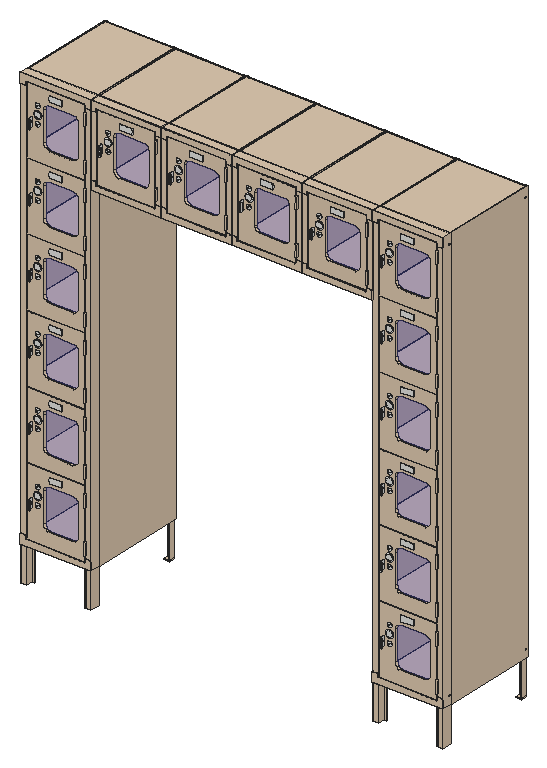
Revit family "Metal_Lockers-Salsbury_Industries-S_66000_Series-Bridge_Unit", category Specialty Equipment, Revit 2016
Family settings
  Part Type = Normal
  Round Connector Dimension = Use Diameter
  OmniClass Number = 23.40.00.00
  OmniClass Title = Equipment and Furnishings
  Work Plane-Based = No
  Always vertical = Yes
  Cut with Voids When Loaded = No
  Shared = No
  Room Calculation Point = No
Parameters (values of type "S-66016- with Standard 6" High Legs")
  Zee Base Corner - Right Side3 = Metal Locker Zee Base Corner : None
  Zee Base Corner - Left Side = Metal Locker Zee Base Corner : None
  Zee Base - Right Side = Metal Locker Zee Base-Right Side : None
  Zee Base - Left Side = Metal Locker Zee Base-Left Side : None
  Zee Base = Metal Locker Zee Base : None
  Window Panel Material = Polycarbonate - Salsbury Finish - Clear
  Width = 72.040"
  Version = "1.0 (03/30/18)"
  Unit Height including Sloping Hood Only [instance] = 82.739"
  URL = "www.lockers.com"
  Type Comments = "See-Through Metal Lockers - Six Tier Box Style Bridge"
  Total Doors Height [instance] = 69.81949"
  Sloping Top In-Line Filler - Right Side [instance] = Metal Locker Sloping Top Filler : None
  Sloping Top In-Line Filler - Left Side [instance] = Metal Locker Sloping Top Filler : None
  Sloping Top Corner Filler - Right Side [instance] = Metal Locker Sloping Corner Filler : None
  Sloping Top Corner Filler - Left Side [instance] = Metal Locker Sloping Corner Filler : None
  Sloping Hood Height = 10.739"
  Sloping Hood [instance] = Metal Locker Sloping Hood : None
  Right Side Base [instance] = Metal Locker Right Side Base : None
  Primary Structure Material [instance] = Paint - Salsbury Finish - Tan
  Overall Width including Rivets [instance] = 72.120"
  Unit Height including Base Only [instance] = 78.000"
  Overall Unit Height (including Base and Sloping Hood) [instance] = 88.739"
  OmniClass 23 Title = "Equipment and Furnishings"
  OmniClass 23 Number = "23.40.00.00"
  Model = "S-66016"
  MasterFormat Title = "Lockers"
  MasterFormat Number = "10 51 13"
  Manufacturer = "Salsbury Industries"
  Left Side Base [instance] = Metal Locker Left Side Base : None
  Individual Door Height [instance] = 11.57358"
  Height = 72.000"
  Hasp Plate Rivet Material = Steel -Salsbury Finish - Polished Steel
  Hasp Handle Material = Plastic - Salsbury Finish - Black
  Front Vertical Filler - Right [instance] = Metal Locker Front Filler : None
  Front Vertical Filler - Left [instance] = Metal Locker Front Filler : None
  Front Base [instance] = Metal Locker Front Base : None
  Flat Top In-Line Filler - Right Side [instance] = Metal Locker Flat Top Filler : None
  Flat Top In-Line Filler - Left Side [instance] = Metal Locker Flat Top Filler : None
  Flat Top Corner Filler - Right Side [instance] = Metal Locker Flat Corner Filler : None
  Flat Top Corner Filler - Left Side [instance] = Metal Locker Flat Corner Filler : None
  Individual Door Width [instance] = 9.901"
  End Panel - Right Side [instance] = Metal Locker End Panel : None
  End Panel - Left Side [instance] = Metal Locker End Panel : None
  Door Location D1 = See-Through Metal Locker Doors-12 inch with Latch Hasps : Six Tier Door - 6 foot
  Description = "6 Feet High - 18 Inches Deep"
  Depth = 18.010"
  Base Height = 6.000"
  Standard Leg Base = Metal Locker Legs : 6" High - 12"W x 18"D - Bridge
  Assembly Code = "C1030310"
Reference planes (in)
  plane 1 "Center (Front/Back)": y = 0
  plane 2: z = 0
  plane 3 "Center (Left/Right)": x = 0
  plane 4 "Floor": z = 0
  plane 5 "Bottom of Unit": z = 6
  plane 6 "Top of Unit": z = 78
  plane 7 "Left Side of Unit": x = -36.02
  plane 8 "Right Side of Unit": x = 36.02
  plane 9 "Back of Unit": y = 9.005
  plane 10 "Front of Unit": y = -9.005
  plane 11 "Top of Sloping Hood": z = 88.739
  plane 12 "Left Rivet": x = -36.06
  plane 13 "Right Rivet": x = 36.06
  plane 14 "Right Side of Door Opening": x = 35.02
  plane 15 "Left Side of Door Opening": x = -35.02
  plane 16 "Top of Door Opening": z = 77
  plane 17 "Bottom of Door Opening": z = 7
  plane 18 "Back Edge of Front Facing": y = -7.417
  plane 19 "Front Plate Plane": y = -9.065
  plane 20 "Horizontal Center of Top Rivets": z = 76.5
  plane 21 "Horiz Center of Bottom Rivets": z = 7.5
  plane 22 "Vertical Center of Back Rivets": y = 8.505
  plane 23 "Vertical Center of Front Rivets": y = -7.755
  plane 24 "Right Align Top Filler Overlap": x = 35.435
  plane 25 "Left Align Top Filler Overlap": x = -35.435
  plane 26 "Corner Filler Align-Left": x = -36.08
  plane 27 "Corner Filler Align-Right": x = 36.08
  plane 28 "Left Side of Door": x = -34.95029
  plane 29 "Right Side of Door": x = 34.95026
  plane 30 "Top of Door 1": z = 76.90976
  plane 31 "Bottom of Bottom Door": z = 7.09027
  plane 32: z = 18.72685
  plane 33: z = 30.36343
  plane 34: z = 18.78985
  plane 35: z = 30.42643
  plane 36: z = 42.00001
  plane 37: z = 42.06301
  plane 38: z = 18.66385
  plane 39: z = 30.30043
  plane 40: z = 41.93701
  plane 41: x = -35.669
  plane 42: x = 35.669
  plane 43: z = 53.5736
  plane 44: z = 53.6366
  plane 45: z = 53.6996
  plane 46: z = 65.21018
  plane 47: z = 65.27318
  plane 48: z = 65.33618
  plane 49 "Vertical Divider 1 and 2": x = -12.00667
  plane 50 "Vertical Divider 2 and 3": x = 12.00667
  plane 51 "Right Side of Unit 1": x = -24.01333
  plane 52 "Left Side of Unit 2": x = 24.01333
  plane 53: x = -22.94333
  plane 54: x = -23.01333
  plane 55: x = -11.00667
  plane 56: x = -10.93667
  plane 57: x = 1
  plane 58: x = 1.07
  plane 59: x = 13.00667
  plane 60: x = 13.07667
  plane 61 "Bottom of Horizontal Section": z = 64.24759
  plane 62 "Bottom of Door Opening-Horiztonal": z = 65.24759
  plane 63 "Center or Coat Rod": z = 60.1846
  plane 64: x = -25.04929
  plane 65 "Compartment Align 2": z = 54.1366
  plane 66 "Compartment Align 3": z = 42.50001
  plane 67 "Compartment Align 4": z = 30.86343
  plane 68 "Compartment Align 5": z = 19.22685
  plane 69 "Compartment Align 1": z = 65.74759
  plane 70: y = 8.945
  plane 71: y = 8.88719
  plane 72: y = 8.145
  plane 73: x = 35.95967
  plane 74: x = 35.89967
  plane 75: x = 35.63467
  plane 76: x = 24.133
  plane 77: x = 24.39757
  plane 78: x = 24.073
  plane 79: z = 76.40796
  plane 80: z = 77
  plane 81: x = 35.095
  plane 82: x = 24.93833
  plane 83: x = 35.095
  plane 84: x = 24.93833
  plane 85: z = 7.59204
  plane 86: z = 7
  plane 87: z = 77.94
  plane 88: z = 77.20499
  plane 89: z = 65.68759
  plane 90: z = 64.95258
  plane 91: z = 54.0766
  plane 92: z = 53.34159
  plane 93: z = 42.44001
  plane 94: z = 41.705
  plane 95: z = 30.80343
  plane 96: z = 30.06842
  plane 97: z = 19.16685
  plane 98: z = 18.43184
  plane 99: z = 6.9204
  plane 100: z = 6.18539
  plane 101: x = -35.96
  plane 102: x = -35.9
  plane 103: x = -35.635
  plane 104: x = -24.39833
  plane 105: x = -24.07333
  plane 106: x = -24.13333
  plane 107: x = -23.95333
  plane 108: x = -23.89333
  plane 109: x = -23.62833
  plane 110: x = 23.953
  plane 111: x = 22.953
  plane 112: x = -22.953
  plane 113: x = -12.06667
  plane 114: x = -12.12667
  plane 115: x = -12.39167
  plane 116: x = -11.94667
  plane 117: x = -11.88667
  plane 118: x = -11.62167
  plane 119: x = -0.06
  plane 120: x = -0.12
  plane 121: x = -0.385
  plane 122: x = 0.06
  plane 123: x = 0.12
  plane 124: x = 0.385
  plane 125: x = 11.94667
  plane 126: x = 11.88667
  plane 127: x = 11.62167
  plane 128: x = 12.06667
  plane 129: x = 12.12667
  plane 130: x = 12.39167
  plane 131: x = 23.89333
  plane 132: x = 23.62833
  plane 133: x = -24.93833
  plane 134: x = -35.095
  plane 135: x = -23.08833
  plane 136: x = -35.095
  plane 137: x = -24.93833
  plane 138: z = 7.59204
  plane 139: z = 7
  plane 140: z = 65.83963
  plane 141: x = -11.08167
  plane 142: x = -0.925
  plane 143: x = 0.925
  plane 144: x = 11.08167
  plane 145: x = 12.93167
  plane 146: x = 23.08833
  plane 147: x = -12.93167
  plane 148: z = 65.16799
  plane 149: z = 64.43298
  plane 150: x = -13.00667
  plane 151: x = -1
  plane 152: x = 11.00667
  plane 153: x = 23.01333
  plane 154: x = 25.01333
  plane 155: z = 60.68452
  plane 156: z = 59.68447
Forms (in)
  Sweep 1, solid, material "Paint - Salsbury Finish - Tan" <- "Primary Structure Material"
    path origin (0, -9.005, 0) x (1, 0, 0) y (0, 0, 1)
      loop
        line (-36.02, 78) -> (-36.02, 6) -> (-24.01333, 6) -> (-24.01333, 78) -> (-36.02, 78)
    profile origin (-30.01667, -9.005, 78) x (0, 0, 1) y (0, -1, 0)
      loop
        line (0, 0) -> (-1, 0) -> (-1, -1.588) -> (0, -1.588) -> (0, 0)
  Extrusion 2, solid, material "Paint - Salsbury Finish - Tan" <- "Primary Structure Material"
    sketch origin (0, 0, 6) x (0, -1, 0) y (1, 0, 0)
      loop
        line (7.417, -24.01333) -> (-9.005, -24.01333) -> (-9.005, -24.39833) -> (-8.945, -24.39833) -> (-8.945, -24.07333) -> (7.417, -24.07333) -> (7.417, -24.01333)
    from 0 to 72
  Extrusion 3, solid, material "Paint - Salsbury Finish - Tan" <- "Primary Structure Material"
    sketch origin (0, 0, 6) x (0, -1, 0) y (1, 0, 0)
      loop
        line (7.417, -36.02) -> (7.417, -35.96) -> (-8.945, -35.96) -> (-8.945, -35.635) -> (-9.005, -35.635) -> (-9.005, -36.02) -> (7.417, -36.02)
    from 0 to 72
  Extrusion 4, solid, material "Paint - Salsbury Finish - Tan" <- "Primary Structure Material"
    sketch origin (0, 0, 6) x (0, -1, 0) y (1, 0, 0)
      loop
        line (-8.945, -35.96) -> (-8.145, -35.96) -> (-8.145, -35.9) -> (-8.88719, -35.9) -> (-8.88719, -24.13333) -> (-8.145, -24.13333) -> (-8.145, -24.07333) -> (-8.945, -24.07333) -> (-8.945, -35.96)
    from 0 to 72
  Sweep 5, solid, material "Paint - Salsbury Finish - Tan" <- "Primary Structure Material"
    path origin (0, 0, 7) x (0, -1, 0) y (1, 0, 0)
      loop
        line (7.417, -35.96) -> (7.417, -24.07333) -> (-8.145, -24.07333) -> (-8.145, -24.13333) -> (-8.88719, -24.13333) -> (-8.88719, -35.9) -> (-8.145, -35.9) -> (-8.145, -35.96) -> (7.417, -35.96)
    profile origin (-35.96, 0.364, 7) x (-1, 0, 0) y (0, 0, 1)
      loop
        line (0, -0.81461) -> (0, -0.0796) -> (-0.06, -0.0796) -> (-0.06, -0.81461) -> (0, -0.81461)
  Extrusion 6, solid, material "Paint - Salsbury Finish - Tan" <- "Primary Structure Material"
    sketch origin (0, 0, 7) x (0, -1, 0) y (1, 0, 0)
      loop
        line (-8.88719, -35.9) -> (-8.145, -35.9) -> (-8.145, -35.96) -> (7.417, -35.96) -> (7.417, -24.07333) -> (-8.145, -24.07333) -> (-8.145, -24.13333) -> (-8.88719, -24.13333) -> (-8.88719, -35.9)
    from -0.0796 to 0
  Extrusion 7, solid, material "Paint - Salsbury Finish - Tan" <- "Primary Structure Material"
    sketch origin (0, 0, 78) x (0, -1, 0) y (1, 0, 0)
      loop
        line (-8.88719, -35.9) -> (-8.145, -35.9) -> (-8.145, -35.96) -> (7.417, -35.96) -> (7.417, -24.07333) -> (-8.145, -24.07333) -> (-8.145, -24.13333) -> (-8.88719, -24.13333) -> (-8.88719, -35.9)
    from -0.06 to 0
  Sweep 8, solid, material "Paint - Salsbury Finish - Tan" <- "Primary Structure Material"
    path origin (0, 0, 78) x (0, -1, 0) y (1, 0, 0)
      loop
        line (7.417, -35.96) -> (7.417, -24.07333) -> (-8.145, -24.07333) -> (-8.145, -24.13333) -> (-8.88719, -24.13333) -> (-8.88719, -35.9) -> (-8.145, -35.9) -> (-8.145, -35.96) -> (7.417, -35.96)
    profile origin (-35.96, 0.364, 78) x (-1, 0, 0) y (0, 0, 1)
      loop
        line (0, -0.79501) -> (0, -0.06) -> (-0.06, -0.06) -> (-0.06, -0.79501) -> (0, -0.79501)
  Extrusion 9, solid, material "Paint - Salsbury Finish - Tan" <- "Primary Structure Material"
    sketch origin (0, -9.065, 0) x (0, 0, -1) y (1, 0, 0)
      loop
        line (-78, -36.02) -> (-76.47656, -36.02)
        arc (-76.47656, -36.02) -> (-76.42806, -35.99991) -> (-76.40796, -35.9514) r 0.0686
        line (-76.40796, -35.9514) -> (-76.40796, -35.16351)
        arc (-76.40796, -35.16351) -> (-76.42809, -35.11506) -> (-76.47656, -35.095) r 0.0686
        line (-76.47656, -35.095) -> (-77, -35.095) -> (-77, -24.93833) -> (-76.47656, -24.93833)
        arc (-76.47656, -24.93833) -> (-76.42809, -24.91827) -> (-76.40796, -24.86982) r 0.0686
        line (-76.40796, -24.86982) -> (-76.40796, -24.08193)
        arc (-76.40796, -24.08193) -> (-76.42806, -24.03343) -> (-76.47656, -24.01333) r 0.0686
        line (-76.47656, -24.01333) -> (-78, -24.01333) -> (-78, -36.02)
    from -0.06 to 0
  Extrusion 10, solid, material "Paint - Salsbury Finish - Tan" <- "Primary Structure Material"
    sketch origin (0, -9.065, 84) x (0, 0, 1) y (-1, 0, 0)
      loop
        line (-78, 36.02) -> (-78, 24.01333) -> (-76.47656, 24.01333)
        arc (-76.47656, 24.01333) -> (-76.42806, 24.03343) -> (-76.40796, 24.08193) r 0.0686
        line (-76.40796, 24.08193) -> (-76.40796, 24.86982)
        arc (-76.40796, 24.86982) -> (-76.42809, 24.91827) -> (-76.47656, 24.93833) r 0.0686
        line (-76.47656, 24.93833) -> (-77, 24.93833) -> (-77, 35.095) -> (-76.47656, 35.095)
        arc (-76.47656, 35.095) -> (-76.42809, 35.11506) -> (-76.40796, 35.16351) r 0.0686
        line (-76.40796, 35.16351) -> (-76.40796, 35.9514)
        arc (-76.40796, 35.9514) -> (-76.42806, 35.99991) -> (-76.47656, 36.02) r 0.0686
        line (-76.47656, 36.02) -> (-78, 36.02)
    from -0.06 to 0
  Blend 11, solid, material "Steel -Salsbury Finish - Polished Steel" <- "Hasp Plate Rivet Material"
    base sketch origin (36.02, -84.255, 68.745) x (0, -1, 0) y (0, 0, 1)
      loop
        circle (-76.5, 7.755) r 0.187
    top sketch origin (36.02, -84.255, 68.745) x (0, -1, 0) y (0, 0, 1)
      loop
        circle (-76.5, 7.755) r 0.05319
    from 0 to -0.04
  Blend 12, solid, material "Steel -Salsbury Finish - Polished Steel" <- "Hasp Plate Rivet Material"
    base sketch origin (36.02, -84.255, -0.255) x (0, -1, 0) y (0, 0, 1)
      loop
        circle (-76.5, 7.755) r 0.187
    top sketch origin (36.02, -84.255, -0.255) x (0, -1, 0) y (0, 0, 1)
      loop
        circle (-76.5, 7.755) r 0.05319
    from 0 to -0.04
  Blend 13, solid, material "Steel -Salsbury Finish - Polished Steel" <- "Hasp Plate Rivet Material"
    base sketch origin (36.02, 85.005, 9.255) x (0, 1, 0) y (0, 0, -1)
      loop
        circle (-76.5, 1.755) r 0.187
    top sketch origin (36.02, 85.005, 9.255) x (0, 1, 0) y (0, 0, -1)
      loop
        circle (-76.5, 1.755) r 0.05319
    from 0 to -0.04
  Blend 14, solid, material "Steel -Salsbury Finish - Polished Steel" <- "Hasp Plate Rivet Material"
    base sketch origin (36.02, 85.005, 78.255) x (0, 1, 0) y (0, 0, -1)
      loop
        circle (-76.5, 1.755) r 0.187
    top sketch origin (36.02, 85.005, 78.255) x (0, 1, 0) y (0, 0, -1)
      loop
        circle (-76.5, 1.755) r 0.05319
    from 0 to -0.04
  Blend 15, solid, material "Steel -Salsbury Finish - Polished Steel" <- "Hasp Plate Rivet Material"
    base sketch origin (-6.02, -84.255, -0.255) x (0, -1, 0) y (0, 0, -1)
      loop
        circle (-76.5, -7.755) r 0.187
    top sketch origin (-6.02, -84.255, -0.255) x (0, -1, 0) y (0, 0, -1)
      loop
        circle (-76.5, -7.755) r 0.05319
    from -30 to -30.04
  Blend 16, solid, material "Steel -Salsbury Finish - Polished Steel" <- "Hasp Plate Rivet Material"
    base sketch origin (-6.02, -67.995, 5.745) x (0, -1, 0) y (0, 0, -1)
      loop
        circle (-76.5, -1.755) r 0.187
    top sketch origin (-6.02, -67.995, 5.745) x (0, -1, 0) y (0, 0, -1)
      loop
        circle (-76.5, -1.755) r 0.05319
    from -30 to -30.04
  Blend 17, solid, material "Steel -Salsbury Finish - Polished Steel" <- "Hasp Plate Rivet Material"
    base sketch origin (-6.02, -84.255, 68.745) x (0, -1, 0) y (0, 0, -1)
      loop
        circle (-76.5, -7.755) r 0.187
    top sketch origin (-6.02, -84.255, 68.745) x (0, -1, 0) y (0, 0, -1)
      loop
        circle (-76.5, -7.755) r 0.05319
    from -30 to -30.04
  Blend 18, solid, material "Steel -Salsbury Finish - Polished Steel" <- "Hasp Plate Rivet Material"
    base sketch origin (-6.02, -67.995, 74.745) x (0, -1, 0) y (0, 0, -1)
      loop
        circle (-76.5, -1.755) r 0.187
    top sketch origin (-6.02, -67.995, 74.745) x (0, -1, 0) y (0, 0, -1)
      loop
        circle (-76.5, -1.755) r 0.05319
    from -30 to -30.04
  Sweep 19, solid, material "Paint - Salsbury Finish - Tan" <- "Primary Structure Material"
    path origin (12.01333, -9.005, 0) x (1, 0, 0) y (0, 0, 1)
      loop
        line (-36.02667, 78) -> (-36.02667, 64.24759) -> (-24.02, 64.24759) -> (-24.02, 78) -> (-36.02667, 78)
    profile origin (-18.01, -9.005, 78) x (0, 0, 1) y (0, -1, 0)
      loop
        line (0, 0) -> (-1, 0) -> (-1, -1.588) -> (0, -1.588) -> (0, 0)
  Sweep 20, solid, material "Paint - Salsbury Finish - Tan" <- "Primary Structure Material"
    path origin (24.02667, -9.005, 0) x (1, 0, 0) y (0, 0, 1)
      loop
        line (-0.01333, 78) -> (-0.01333, 6) -> (11.99333, 6) -> (11.99333, 78) -> (-0.01333, 78)
    profile origin (30.01667, -9.005, 78) x (0, 0, 1) y (0, -1, 0)
      loop
        line (0, 0) -> (-1, 0) -> (-1, -1.588) -> (0, -1.588) -> (0, 0)
  Extrusion 21, solid, material "Paint - Salsbury Finish - Tan" <- "Primary Structure Material"
    sketch origin (12.00667, -9.065, 0) x (0, 0, -1) y (1, 0, 0)
      loop
        line (-78, -36.02) -> (-76.47656, -36.02)
        arc (-76.47656, -36.02) -> (-76.42806, -35.99991) -> (-76.40796, -35.9514) r 0.0686
        line (-76.40796, -35.9514) -> (-76.40796, -35.1636)
        arc (-76.40796, -35.1636) -> (-76.42806, -35.11509) -> (-76.47656, -35.095) r 0.0686
        line (-76.47656, -35.095) -> (-77, -35.095) -> (-77, -24.93833) -> (-76.47656, -24.93833)
        arc (-76.47656, -24.93833) -> (-76.42809, -24.91827) -> (-76.40796, -24.86982) r 0.0686
        line (-76.40796, -24.86982) -> (-76.40796, -24.08193)
        arc (-76.40796, -24.08193) -> (-76.42806, -24.03343) -> (-76.47656, -24.01333) r 0.0686
        line (-76.47656, -24.01333) -> (-78, -24.01333) -> (-78, -36.02)
    from -0.06 to 0
  Extrusion 22, solid, material "Paint - Salsbury Finish - Tan" <- "Primary Structure Material"
    sketch origin (12.00667, -9.065, 142.24759) x (0, 0, 1) y (-1, 0, 0)
      loop
        line (-78, 36.02) -> (-78, 24.01333) -> (-76.47656, 24.01333)
        arc (-76.47656, 24.01333) -> (-76.42806, 24.03343) -> (-76.40796, 24.08193) r 0.0686
        line (-76.40796, 24.08193) -> (-76.40796, 24.86982)
        arc (-76.40796, 24.86982) -> (-76.42809, 24.91827) -> (-76.47656, 24.93833) r 0.0686
        line (-76.47656, 24.93833) -> (-77, 24.93833) -> (-77, 35.095) -> (-76.47656, 35.095)
        arc (-76.47656, 35.095) -> (-76.42809, 35.11506) -> (-76.40796, 35.16351) r 0.0686
        line (-76.40796, 35.16351) -> (-76.40796, 35.9514)
        arc (-76.40796, 35.9514) -> (-76.42806, 35.99991) -> (-76.47656, 36.02) r 0.0686
        line (-76.47656, 36.02) -> (-78, 36.02)
    from -0.06 to 0
  Extrusion 23, solid, material "Paint - Salsbury Finish - Tan" <- "Primary Structure Material"
    sketch origin (24.01333, -9.065, 0) x (0, 0, -1) y (1, 0, 0)
      loop
        line (-78, -36.02) -> (-76.47656, -36.02)
        arc (-76.47656, -36.02) -> (-76.42806, -35.99991) -> (-76.40796, -35.9514) r 0.0686
        line (-76.40796, -35.9514) -> (-76.40796, -35.16351)
        arc (-76.40796, -35.16351) -> (-76.42809, -35.11506) -> (-76.47656, -35.095) r 0.0686
        line (-76.47656, -35.095) -> (-77, -35.095) -> (-77, -24.93833) -> (-76.47656, -24.93833)
        arc (-76.47656, -24.93833) -> (-76.42809, -24.91827) -> (-76.40796, -24.86982) r 0.0686
        line (-76.40796, -24.86982) -> (-76.40796, -24.08193)
        arc (-76.40796, -24.08193) -> (-76.42806, -24.03343) -> (-76.47656, -24.01333) r 0.0686
        line (-76.47656, -24.01333) -> (-78, -24.01333) -> (-78, -36.02)
    from -0.06 to 0
  Extrusion 24, solid, material "Paint - Salsbury Finish - Tan" <- "Primary Structure Material"
    sketch origin (24.01333, -9.065, 142.24759) x (0, 0, 1) y (-1, 0, 0)
      loop
        line (-78, 36.02) -> (-78, 24.01333) -> (-76.47656, 24.01333)
        arc (-76.47656, 24.01333) -> (-76.42806, 24.03343) -> (-76.40796, 24.08193) r 0.0686
        line (-76.40796, 24.08193) -> (-76.40796, 24.86982)
        arc (-76.40796, 24.86982) -> (-76.42809, 24.91827) -> (-76.47656, 24.93833) r 0.0686
        line (-76.47656, 24.93833) -> (-77, 24.93833) -> (-77, 35.095) -> (-76.47656, 35.095)
        arc (-76.47656, 35.095) -> (-76.42809, 35.11506) -> (-76.40796, 35.16351) r 0.0686
        line (-76.40796, 35.16351) -> (-76.40796, 35.9514)
        arc (-76.40796, 35.9514) -> (-76.42806, 35.99991) -> (-76.47656, 36.02) r 0.0686
        line (-76.47656, 36.02) -> (-78, 36.02)
    from -0.06 to 0
  Extrusion 25, solid, material "Paint - Salsbury Finish - Tan" <- "Primary Structure Material"
    sketch origin (36.02, -9.065, 0) x (0, 0, -1) y (1, 0, 0)
      loop
        line (-78, -36.02) -> (-76.47656, -36.02)
        arc (-76.47656, -36.02) -> (-76.42806, -35.99991) -> (-76.40796, -35.9514) r 0.0686
        line (-76.40796, -35.9514) -> (-76.40796, -35.16351)
        arc (-76.40796, -35.16351) -> (-76.42809, -35.11506) -> (-76.47656, -35.095) r 0.0686
        line (-76.47656, -35.095) -> (-77, -35.095) -> (-77, -24.93833) -> (-76.47656, -24.93833)
        arc (-76.47656, -24.93833) -> (-76.42809, -24.91827) -> (-76.40796, -24.86982) r 0.0686
        line (-76.40796, -24.86982) -> (-76.40796, -24.08193)
        arc (-76.40796, -24.08193) -> (-76.42806, -24.03343) -> (-76.47656, -24.01333) r 0.0686
        line (-76.47656, -24.01333) -> (-78, -24.01333) -> (-78, -36.02)
    from -0.06 to 0
  Extrusion 26, solid, material "Paint - Salsbury Finish - Tan" <- "Primary Structure Material"
    sketch origin (36.02, -9.065, 142.24759) x (0, 0, 1) y (-1, 0, 0)
      loop
        line (-78, 36.02) -> (-78, 24.01333) -> (-76.47656, 24.01333)
        arc (-76.47656, 24.01333) -> (-76.42806, 24.03343) -> (-76.40796, 24.08193) r 0.0686
        line (-76.40796, 24.08193) -> (-76.40796, 24.86982)
        arc (-76.40796, 24.86982) -> (-76.42809, 24.91827) -> (-76.47656, 24.93833) r 0.0686
        line (-76.47656, 24.93833) -> (-77, 24.93833) -> (-77, 35.095) -> (-76.47656, 35.095)
        arc (-76.47656, 35.095) -> (-76.42809, 35.11506) -> (-76.40796, 35.16351) r 0.0686
        line (-76.40796, 35.16351) -> (-76.40796, 35.9514)
        arc (-76.40796, 35.9514) -> (-76.42806, 35.99991) -> (-76.47656, 36.02) r 0.0686
        line (-76.47656, 36.02) -> (-78, 36.02)
    from -0.06 to 0
  Extrusion 27, solid, material "Paint - Salsbury Finish - Tan" <- "Primary Structure Material"
    sketch origin (48.02667, -9.065, 0) x (0, 0, -1) y (1, 0, 0)
      loop
        line (-78, -36.02) -> (-76.47656, -36.02)
        arc (-76.47656, -36.02) -> (-76.42806, -35.99991) -> (-76.40796, -35.9514) r 0.0686
        line (-76.40796, -35.9514) -> (-76.40796, -35.16351)
        arc (-76.40796, -35.16351) -> (-76.42809, -35.11506) -> (-76.47656, -35.095) r 0.0686
        line (-76.47656, -35.095) -> (-77, -35.095) -> (-77, -24.93833) -> (-76.47656, -24.93833)
        arc (-76.47656, -24.93833) -> (-76.42809, -24.91827) -> (-76.40796, -24.86982) r 0.0686
        line (-76.40796, -24.86982) -> (-76.40796, -24.08193)
        arc (-76.40796, -24.08193) -> (-76.42806, -24.03343) -> (-76.47656, -24.01333) r 0.0686
        line (-76.47656, -24.01333) -> (-78, -24.01333) -> (-78, -36.02)
    from -0.06 to 0
  Extrusion 28, solid, material "Paint - Salsbury Finish - Tan" <- "Primary Structure Material"
    sketch origin (48.02667, -9.065, 142.24759) x (0, 0, 1) y (-1, 0, 0)
      loop
        line (-78, 36.02) -> (-78, 24.01333) -> (-76.47656, 24.01333)
        arc (-76.47656, 24.01333) -> (-76.42806, 24.03343) -> (-76.40796, 24.08193) r 0.0686
        line (-76.40796, 24.08193) -> (-76.40796, 24.86982)
        arc (-76.40796, 24.86982) -> (-76.42809, 24.91827) -> (-76.47656, 24.93833) r 0.0686
        line (-76.47656, 24.93833) -> (-77, 24.93833) -> (-77, 35.095) -> (-76.47656, 35.095)
        arc (-76.47656, 35.095) -> (-76.42809, 35.11506) -> (-76.40796, 35.16351) r 0.0686
        line (-76.40796, 35.16351) -> (-76.40796, 35.9514)
        arc (-76.40796, 35.9514) -> (-76.42806, 35.99991) -> (-76.47656, 36.02) r 0.0686
        line (-76.47656, 36.02) -> (-78, 36.02)
    from -0.06 to 0
  Extrusion 29, solid, material "Paint - Salsbury Finish - Tan" <- "Primary Structure Material"
    sketch origin (60.03333, -9.065, 0) x (0, 0, -1) y (1, 0, 0)
      loop
        line (-78, -36.02) -> (-76.47656, -36.02)
        arc (-76.47656, -36.02) -> (-76.42806, -35.99991) -> (-76.40796, -35.9514) r 0.0686
        line (-76.40796, -35.9514) -> (-76.40796, -35.16351)
        arc (-76.40796, -35.16351) -> (-76.42809, -35.11506) -> (-76.47656, -35.095) r 0.0686
        line (-76.47656, -35.095) -> (-77, -35.095) -> (-77, -24.93833) -> (-76.47656, -24.93833)
        arc (-76.47656, -24.93833) -> (-76.42809, -24.91827) -> (-76.40796, -24.86982) r 0.0686
        line (-76.40796, -24.86982) -> (-76.40796, -24.08193)
        arc (-76.40796, -24.08193) -> (-76.42806, -24.03343) -> (-76.47656, -24.01333) r 0.0686
        line (-76.47656, -24.01333) -> (-78, -24.01333) -> (-78, -36.02)
    from -0.06 to 0
  Extrusion 30, solid, material "Paint - Salsbury Finish - Tan" <- "Primary Structure Material"
    sketch origin (60.03333, -9.065, 84) x (0, 0, 1) y (-1, 0, 0)
      loop
        line (-78, 36.02) -> (-78, 24.01333) -> (-76.47656, 24.01333)
        arc (-76.47656, 24.01333) -> (-76.42806, 24.03343) -> (-76.40796, 24.08193) r 0.0686
        line (-76.40796, 24.08193) -> (-76.40796, 24.86982)
        arc (-76.40796, 24.86982) -> (-76.42809, 24.91827) -> (-76.47656, 24.93833) r 0.0686
        line (-76.47656, 24.93833) -> (-77, 24.93833) -> (-77, 35.095) -> (-76.47656, 35.095)
        arc (-76.47656, 35.095) -> (-76.42809, 35.11506) -> (-76.40796, 35.16351) r 0.0686
        line (-76.40796, 35.16351) -> (-76.40796, 35.9514)
        arc (-76.40796, 35.9514) -> (-76.42806, 35.99991) -> (-76.47656, 36.02) r 0.0686
        line (-76.47656, 36.02) -> (-78, 36.02)
    from -0.06 to 0
  Sweep 31, solid, material "Paint - Salsbury Finish - Tan" <- "Primary Structure Material"
    path origin (24.02, -9.005, 0) x (1, 0, 0) y (0, 0, 1)
      loop
        line (-36.02667, 78) -> (-36.02667, 64.24759) -> (-24.02, 64.24759) -> (-24.02, 78) -> (-36.02667, 78)
    profile origin (-6.00333, -9.005, 78) x (0, 0, 1) y (0, -1, 0)
      loop
        line (0, 0) -> (-1, 0) -> (-1, -1.588) -> (0, -1.588) -> (0, 0)
  Sweep 32, solid, material "Paint - Salsbury Finish - Tan" <- "Primary Structure Material"
    path origin (36.02667, -9.005, 0) x (1, 0, 0) y (0, 0, 1)
      loop
        line (-36.02667, 78) -> (-36.02667, 64.24759) -> (-24.02, 64.24759) -> (-24.02, 78) -> (-36.02667, 78)
    profile origin (6.00333, -9.005, 78) x (0, 0, 1) y (0, -1, 0)
      loop
        line (0, 0) -> (-1, 0) -> (-1, -1.588) -> (0, -1.588) -> (0, 0)
  Sweep 33, solid, material "Paint - Salsbury Finish - Tan" <- "Primary Structure Material"
    path origin (48.03333, -9.005, 0) x (1, 0, 0) y (0, 0, 1)
      loop
        line (-36.02667, 78) -> (-36.02667, 64.24759) -> (-24.02, 64.24759) -> (-24.02, 78) -> (-36.02667, 78)
    profile origin (18.01, -9.005, 78) x (0, 0, 1) y (0, -1, 0)
      loop
        line (0, 0) -> (-1, 0) -> (-1, -1.588) -> (0, -1.588) -> (0, 0)
  Extrusion 34, solid, material "Paint - Salsbury Finish - Tan" <- "Primary Structure Material"
    sketch origin (60.033, 0, 6) x (0, -1, 0) y (1, 0, 0)
      loop
        line (7.417, -24.013) -> (-9.005, -24.013) -> (-9.005, -24.39833) -> (-8.945, -24.39833) -> (-8.945, -24.07333) -> (7.417, -24.07333) -> (7.417, -24.013)
    from 0 to 72
  Extrusion 35, solid, material "Paint - Salsbury Finish - Tan" <- "Primary Structure Material"
    sketch origin (60.033, 0, 6) x (0, -1, 0) y (1, 0, 0)
      loop
        line (7.417, -36.01967) -> (7.417, -35.96) -> (-8.945, -35.96) -> (-8.945, -35.63543) -> (-9.005, -35.63543) -> (-9.005, -36.01967) -> (7.417, -36.01967)
    from 0 to 72
  Extrusion 36, solid, material "Paint - Salsbury Finish - Tan" <- "Primary Structure Material"
    sketch origin (60.033, 0, 6) x (0, -1, 0) y (1, 0, 0)
      loop
        line (-8.945, -35.96) -> (-8.145, -35.96) -> (-8.145, -35.9) -> (-8.88719, -35.9) -> (-8.88719, -24.13333) -> (-8.145, -24.13333) -> (-8.145, -24.07333) -> (-8.945, -24.07333) -> (-8.945, -35.96)
    from 0 to 72
  Sweep 37, solid, material "Paint - Salsbury Finish - Tan" <- "Primary Structure Material"
    path origin (60.033, 0, 7) x (0, -1, 0) y (1, 0, 0)
      loop
        line (7.417, -35.96) -> (7.417, -24.07333) -> (-8.145, -24.07333) -> (-8.145, -24.13333) -> (-8.88719, -24.13333) -> (-8.88719, -35.9) -> (-8.145, -35.9) -> (-8.145, -35.96) -> (7.417, -35.96)
    profile origin (24.073, 0.364, 7) x (-1, 0, 0) y (0, 0, 1)
      loop
        line (0, -0.81461) -> (0, -0.0796) -> (-0.06, -0.0796) -> (-0.06, -0.81461) -> (0, -0.81461)
  Extrusion 38, solid, material "Paint - Salsbury Finish - Tan" <- "Primary Structure Material"
    sketch origin (60.033, 0, 7) x (0, -1, 0) y (1, 0, 0)
      loop
        line (-8.88719, -35.9) -> (-8.145, -35.9) -> (-8.145, -35.96) -> (7.417, -35.96) -> (7.417, -24.07333) -> (-8.145, -24.07333) -> (-8.145, -24.13333) -> (-8.88719, -24.13333) -> (-8.88719, -35.9)
    from -0.0796 to 0
  Extrusion 39, solid, material "Paint - Salsbury Finish - Tan" <- "Primary Structure Material"
    sketch origin (60.033, 0, 78) x (0, -1, 0) y (1, 0, 0)
      loop
        line (-8.88719, -35.9) -> (-8.145, -35.9) -> (-8.145, -35.96) -> (7.417, -35.96) -> (7.417, -24.07333) -> (-8.145, -24.07333) -> (-8.145, -24.13333) -> (-8.88719, -24.13333) -> (-8.88719, -35.9)
    from -0.06 to 0
  Sweep 40, solid, material "Paint - Salsbury Finish - Tan" <- "Primary Structure Material"
    path origin (60.033, 0, 78) x (0, -1, 0) y (1, 0, 0)
      loop
        line (7.417, -35.96) -> (7.417, -24.07333) -> (-8.145, -24.07333) -> (-8.145, -24.13333) -> (-8.88719, -24.13333) -> (-8.88719, -35.9) -> (-8.145, -35.9) -> (-8.145, -35.96) -> (7.417, -35.96)
    profile origin (24.073, 0.364, 78) x (-1, 0, 0) y (0, 0, 1)
      loop
        line (0, -0.79501) -> (0, -0.06) -> (-0.06, -0.06) -> (-0.06, -0.79501) -> (0, -0.79501)
  Extrusion 41, solid, material "Paint - Salsbury Finish - Tan" <- "Primary Structure Material"
    sketch origin (24.01333, 0, 6) x (0, -1, 0) y (1, 0, 0)
      loop
        line (7.417, -24.01333) -> (-9.005, -24.01333) -> (-9.005, -24.39833) -> (-8.945, -24.39833) -> (-8.945, -24.07333) -> (7.417, -24.07333) -> (7.417, -24.01333)
    from 58.24759 to 72
  Extrusion 42, solid, material "Paint - Salsbury Finish - Tan" <- "Primary Structure Material"
    sketch origin (24.01333, 0, 6) x (0, -1, 0) y (1, 0, 0)
      loop
        line (7.417, -36.02) -> (7.417, -35.96) -> (-8.945, -35.96) -> (-8.945, -35.635) -> (-9.005, -35.635) -> (-9.005, -36.02) -> (7.417, -36.02)
    from 58.24759 to 72
  Extrusion 43, solid, material "Paint - Salsbury Finish - Tan" <- "Primary Structure Material"
    sketch origin (24.01333, 0, 6) x (0, -1, 0) y (1, 0, 0)
      loop
        line (-8.945, -35.96) -> (-8.145, -35.96) -> (-8.145, -35.9) -> (-8.88719, -35.9) -> (-8.88719, -24.13333) -> (-8.145, -24.13333) -> (-8.145, -24.07333) -> (-8.945, -24.07333) -> (-8.945, -35.96)
    from 58.24759 to 72
  Sweep 44, solid, material "Paint - Salsbury Finish - Tan" <- "Primary Structure Material"
    path origin (0, 0, 65.24759) x (-1, 0, 0) y (0, -1, 0)
      loop
        line (11.94667, 7.417) -> (0.06, 7.417) -> (0.06, -8.145) -> (0.12, -8.145) -> (0.12, -8.88719) -> (11.88667, -8.88719) -> (11.88667, -8.145) -> (11.94667, -8.145) -> (11.94667, 7.417)
    profile origin (-11.94667, 0.364, 65.24759) x (-1, 0, 0) y (0, 0, 1)
      loop
        line (0, -0.81461) -> (0, -0.0796) -> (-0.06, -0.0796) -> (-0.06, -0.81461) -> (0, -0.81461)
  Extrusion 45, solid, material "Paint - Salsbury Finish - Tan" <- "Primary Structure Material"
    sketch origin (0, 0, 65.24759) x (-1, 0, 0) y (0, -1, 0)
      loop
        line (11.88667, -8.88719) -> (11.88667, -8.145) -> (11.94667, -8.145) -> (11.94667, 7.417) -> (0.06, 7.417) -> (0.06, -8.145) -> (0.12, -8.145) -> (0.12, -8.88719) -> (11.88667, -8.88719)
    from -0.0796 to 0
  Extrusion 46, solid, material "Paint - Salsbury Finish - Tan" <- "Primary Structure Material"
    sketch origin (24.01333, 0, 78) x (0, -1, 0) y (1, 0, 0)
      loop
        line (-8.88719, -35.9) -> (-8.145, -35.9) -> (-8.145, -35.96) -> (7.417, -35.96) -> (7.417, -24.07333) -> (-8.145, -24.07333) -> (-8.145, -24.13333) -> (-8.88719, -24.13333) -> (-8.88719, -35.9)
    from -0.06 to 0
  Sweep 47, solid, material "Paint - Salsbury Finish - Tan" <- "Primary Structure Material"
    path origin (24.01333, 0, 78) x (0, -1, 0) y (1, 0, 0)
      loop
        line (7.417, -35.96) -> (7.417, -24.07333) -> (-8.145, -24.07333) -> (-8.145, -24.13333) -> (-8.88719, -24.13333) -> (-8.88719, -35.9) -> (-8.145, -35.9) -> (-8.145, -35.96) -> (7.417, -35.96)
    profile origin (-11.94667, 0.364, 78) x (-1, 0, 0) y (0, 0, 1)
      loop
        line (0, -0.79501) -> (0, -0.06) -> (-0.06, -0.06) -> (-0.06, -0.79501) -> (0, -0.79501)
  Extrusion 48, solid, material "Paint - Salsbury Finish - Tan" <- "Primary Structure Material"
    sketch origin (12.00667, 0, 6) x (0, -1, 0) y (1, 0, 0)
      loop
        line (7.417, -24.01333) -> (-9.005, -24.01333) -> (-9.005, -24.39833) -> (-8.945, -24.39833) -> (-8.945, -24.07333) -> (7.417, -24.07333) -> (7.417, -24.01333)
    from 58.24759 to 72
  Extrusion 49, solid, material "Paint - Salsbury Finish - Tan" <- "Primary Structure Material"
    sketch origin (12.00667, 0, 6) x (0, -1, 0) y (1, 0, 0)
      loop
        line (7.417, -36.02) -> (7.417, -35.96) -> (-8.945, -35.96) -> (-8.945, -35.635) -> (-9.005, -35.635) -> (-9.005, -36.02) -> (7.417, -36.02)
    from 58.24759 to 72
  Extrusion 50, solid, material "Paint - Salsbury Finish - Tan" <- "Primary Structure Material"
    sketch origin (12.00667, 0, 6) x (0, -1, 0) y (1, 0, 0)
      loop
        line (-8.945, -35.96) -> (-8.145, -35.96) -> (-8.145, -35.9) -> (-8.88719, -35.9) -> (-8.88719, -24.13333) -> (-8.145, -24.13333) -> (-8.145, -24.07333) -> (-8.945, -24.07333) -> (-8.945, -35.96)
    from 58.24759 to 72
  Sweep 51, solid, material "Paint - Salsbury Finish - Tan" <- "Primary Structure Material"
    path origin (-12.00667, 0, 65.24759) x (-1, 0, 0) y (0, -1, 0)
      loop
        line (11.94667, 7.417) -> (0.06, 7.417) -> (0.06, -8.145) -> (0.12, -8.145) -> (0.12, -8.88719) -> (11.88667, -8.88719) -> (11.88667, -8.145) -> (11.94667, -8.145) -> (11.94667, 7.417)
    profile origin (-23.95333, 0.364, 65.24759) x (-1, 0, 0) y (0, 0, 1)
      loop
        line (0, -0.81461) -> (0, -0.0796) -> (-0.06, -0.0796) -> (-0.06, -0.81461) -> (0, -0.81461)
  Extrusion 52, solid, material "Paint - Salsbury Finish - Tan" <- "Primary Structure Material"
    sketch origin (-12.00667, 0, 65.24759) x (-1, 0, 0) y (0, -1, 0)
      loop
        line (11.88667, -8.88719) -> (11.88667, -8.145) -> (11.94667, -8.145) -> (11.94667, 7.417) -> (0.06, 7.417) -> (0.06, -8.145) -> (0.12, -8.145) -> (0.12, -8.88719) -> (11.88667, -8.88719)
    from -0.0796 to 0
  Extrusion 53, solid, material "Paint - Salsbury Finish - Tan" <- "Primary Structure Material"
    sketch origin (12.00667, 0, 78) x (0, -1, 0) y (1, 0, 0)
      loop
        line (-8.88719, -35.9) -> (-8.145, -35.9) -> (-8.145, -35.96) -> (7.417, -35.96) -> (7.417, -24.07333) -> (-8.145, -24.07333) -> (-8.145, -24.13333) -> (-8.88719, -24.13333) -> (-8.88719, -35.9)
    from -0.06 to 0
  Sweep 54, solid, material "Paint - Salsbury Finish - Tan" <- "Primary Structure Material"
    path origin (12.00667, 0, 78) x (0, -1, 0) y (1, 0, 0)
      loop
        line (7.417, -35.96) -> (7.417, -24.07333) -> (-8.145, -24.07333) -> (-8.145, -24.13333) -> (-8.88719, -24.13333) -> (-8.88719, -35.9) -> (-8.145, -35.9) -> (-8.145, -35.96) -> (7.417, -35.96)
    profile origin (-23.95333, 0.364, 78) x (-1, 0, 0) y (0, 0, 1)
      loop
        line (0, -0.79501) -> (0, -0.06) -> (-0.06, -0.06) -> (-0.06, -0.79501) -> (0, -0.79501)
  Extrusion 55, solid, material "Paint - Salsbury Finish - Tan" <- "Primary Structure Material"
    sketch origin (36.02, 0, 6) x (0, -1, 0) y (1, 0, 0)
      loop
        line (7.417, -24.01333) -> (-9.005, -24.01333) -> (-9.005, -24.39833) -> (-8.945, -24.39833) -> (-8.945, -24.07333) -> (7.417, -24.07333) -> (7.417, -24.01333)
    from 58.24759 to 72
  Extrusion 56, solid, material "Paint - Salsbury Finish - Tan" <- "Primary Structure Material"
    sketch origin (36.02, 0, 6) x (0, -1, 0) y (1, 0, 0)
      loop
        line (7.417, -36.02) -> (7.417, -35.96) -> (-8.945, -35.96) -> (-8.945, -35.635) -> (-9.005, -35.635) -> (-9.005, -36.02) -> (7.417, -36.02)
    from 58.24759 to 72
  Extrusion 57, solid, material "Paint - Salsbury Finish - Tan" <- "Primary Structure Material"
    sketch origin (36.02, 0, 6) x (0, -1, 0) y (1, 0, 0)
      loop
        line (-8.945, -35.96) -> (-8.145, -35.96) -> (-8.145, -35.9) -> (-8.88719, -35.9) -> (-8.88719, -24.13333) -> (-8.145, -24.13333) -> (-8.145, -24.07333) -> (-8.945, -24.07333) -> (-8.945, -35.96)
    from 58.24759 to 72
  Sweep 58, solid, material "Paint - Salsbury Finish - Tan" <- "Primary Structure Material"
    path origin (12.00667, 0, 65.24759) x (-1, 0, 0) y (0, -1, 0)
      loop
        line (11.94667, 7.417) -> (0.06, 7.417) -> (0.06, -8.145) -> (0.12, -8.145) -> (0.12, -8.88719) -> (11.88667, -8.88719) -> (11.88667, -8.145) -> (11.94667, -8.145) -> (11.94667, 7.417)
    profile origin (0.06, 0.364, 65.24759) x (-1, 0, 0) y (0, 0, 1)
      loop
        line (0, -0.81461) -> (0, -0.0796) -> (-0.06, -0.0796) -> (-0.06, -0.81461) -> (0, -0.81461)
  Extrusion 59, solid, material "Paint - Salsbury Finish - Tan" <- "Primary Structure Material"
    sketch origin (12.00667, 0, 65.24759) x (-1, 0, 0) y (0, -1, 0)
      loop
        line (11.88667, -8.88719) -> (11.88667, -8.145) -> (11.94667, -8.145) -> (11.94667, 7.417) -> (0.06, 7.417) -> (0.06, -8.145) -> (0.12, -8.145) -> (0.12, -8.88719) -> (11.88667, -8.88719)
    from -0.0796 to 0
  Extrusion 60, solid, material "Paint - Salsbury Finish - Tan" <- "Primary Structure Material"
    sketch origin (36.02, 0, 78) x (0, -1, 0) y (1, 0, 0)
      loop
        line (-8.88719, -35.9) -> (-8.145, -35.9) -> (-8.145, -35.96) -> (7.417, -35.96) -> (7.417, -24.07333) -> (-8.145, -24.07333) -> (-8.145, -24.13333) -> (-8.88719, -24.13333) -> (-8.88719, -35.9)
    from -0.06 to 0
  Sweep 61, solid, material "Paint - Salsbury Finish - Tan" <- "Primary Structure Material"
    path origin (36.02, 0, 78) x (0, -1, 0) y (1, 0, 0)
      loop
        line (7.417, -35.96) -> (7.417, -24.07333) -> (-8.145, -24.07333) -> (-8.145, -24.13333) -> (-8.88719, -24.13333) -> (-8.88719, -35.9) -> (-8.145, -35.9) -> (-8.145, -35.96) -> (7.417, -35.96)
    profile origin (0.06, 0.364, 78) x (-1, 0, 0) y (0, 0, 1)
      loop
        line (0, -0.79501) -> (0, -0.06) -> (-0.06, -0.06) -> (-0.06, -0.79501) -> (0, -0.79501)
  Extrusion 62, solid, material "Paint - Salsbury Finish - Tan" <- "Primary Structure Material"
    sketch origin (48.02667, 0, 6) x (0, -1, 0) y (1, 0, 0)
      loop
        line (7.417, -24.01333) -> (-9.005, -24.01333) -> (-9.005, -24.39833) -> (-8.945, -24.39833) -> (-8.945, -24.07367) -> (7.417, -24.07367) -> (7.417, -24.01333)
    from 58.24759 to 72
  Extrusion 63, solid, material "Paint - Salsbury Finish - Tan" <- "Primary Structure Material"
    sketch origin (48.02667, 0, 6) x (0, -1, 0) y (1, 0, 0)
      loop
        line (7.417, -36.02) -> (7.417, -35.96) -> (-8.945, -35.96) -> (-8.945, -35.635) -> (-9.005, -35.635) -> (-9.005, -36.02) -> (7.417, -36.02)
    from 58.24759 to 72
  Extrusion 64, solid, material "Paint - Salsbury Finish - Tan" <- "Primary Structure Material"
    sketch origin (48.02667, 0, 6) x (0, -1, 0) y (1, 0, 0)
      loop
        line (-8.945, -35.96) -> (-8.145, -35.96) -> (-8.145, -35.9) -> (-8.88719, -35.9) -> (-8.88719, -24.13333) -> (-8.145, -24.13333) -> (-8.145, -24.07367) -> (-8.945, -24.07367) -> (-8.945, -35.96)
    from 58.24759 to 72
  Sweep 65, solid, material "Paint - Salsbury Finish - Tan" <- "Primary Structure Material"
    path origin (24.01333, 0, 65.24759) x (-1, 0, 0) y (0, -1, 0)
      loop
        line (11.94667, 7.417) -> (0.06033, 7.417) -> (0.06033, -8.145) -> (0.12, -8.145) -> (0.12, -8.88719) -> (11.88667, -8.88719) -> (11.88667, -8.145) -> (11.94667, -8.145) -> (11.94667, 7.417)
    profile origin (12.06667, 0.364, 65.24759) x (-1, 0, 0) y (0, 0, 1)
      loop
        line (0, -0.81461) -> (0, -0.0796) -> (-0.06, -0.0796) -> (-0.06, -0.81461) -> (0, -0.81461)
  Extrusion 66, solid, material "Paint - Salsbury Finish - Tan" <- "Primary Structure Material"
    sketch origin (24.01333, 0, 65.24759) x (-1, 0, 0) y (0, -1, 0)
      loop
        line (11.88667, -8.88719) -> (11.88667, -8.145) -> (11.94667, -8.145) -> (11.94667, 7.417) -> (0.06033, 7.417) -> (0.06033, -8.145) -> (0.12, -8.145) -> (0.12, -8.88719) -> (11.88667, -8.88719)
    from -0.0796 to 0
  Extrusion 67, solid, material "Paint - Salsbury Finish - Tan" <- "Primary Structure Material"
    sketch origin (48.02667, 0, 78) x (0, -1, 0) y (1, 0, 0)
      loop
        line (-8.88719, -35.9) -> (-8.145, -35.9) -> (-8.145, -35.96) -> (7.417, -35.96) -> (7.417, -24.07367) -> (-8.145, -24.07367) -> (-8.145, -24.13333) -> (-8.88719, -24.13333) -> (-8.88719, -35.9)
    from -0.06 to 0
  Sweep 68, solid, material "Paint - Salsbury Finish - Tan" <- "Primary Structure Material"
    path origin (48.02667, 0, 78) x (0, -1, 0) y (1, 0, 0)
      loop
        line (7.417, -35.96) -> (7.417, -24.07367) -> (-8.145, -24.07367) -> (-8.145, -24.13333) -> (-8.88719, -24.13333) -> (-8.88719, -35.9) -> (-8.145, -35.9) -> (-8.145, -35.96) -> (7.417, -35.96)
    profile origin (12.06667, 0.364, 78) x (-1, 0, 0) y (0, 0, 1)
      loop
        line (0, -0.79501) -> (0, -0.06) -> (-0.06, -0.06) -> (-0.06, -0.79501) -> (0, -0.79501)
  Extrusion 69, solid, material "Steel -Salsbury Finish - Polished Steel" <- "Hasp Plate Rivet Material"
    sketch origin (36.02, -60.1846, 60.1846) x (0, -1, 0) y (0, 0, 1)
      loop
        circle (-60.1846, 0) r 0.5
    from 12.067 to 60.03333
  Extrusion 70, solid, material "Steel -Salsbury Finish - Polished Steel" <- "Hasp Plate Rivet Material"
    sketch origin (36.02, 60.1846, 60.1846) x (0, 1, 0) y (0, 0, -1)
      loop
        circle (-60.1846, 0) r 0.53
    from 12.067 to 13.067
  Extrusion 71, solid, material "Steel -Salsbury Finish - Polished Steel" <- "Hasp Plate Rivet Material"
    sketch origin (36.02, 60.1846, 60.1846) x (0, 1, 0) y (0, 0, -1)
      loop
        circle (-60.1846, 0) r 1
    from 12.00667 to 12.067
  Extrusion 72, solid, material "Steel -Salsbury Finish - Polished Steel" <- "Hasp Plate Rivet Material"
    sketch origin (-36.02, -60.1846, 60.1846) x (0, -1, 0) y (0, 0, -1)
      loop
        circle (-60.1846, 0) r 0.53
    from 12.06667 to 13.067
  Extrusion 73, solid, material "Steel -Salsbury Finish - Polished Steel" <- "Hasp Plate Rivet Material"
    sketch origin (-36.02, 60.1846, 60.1846) x (0, 1, 0) y (0, 0, 1)
      loop
        circle (-60.1846, 0) r 1
    from 12.00667 to 12.06667
  Extrusion 74, solid, material "Paint - Salsbury Finish - Tan" <- "Primary Structure Material"
    sketch origin (0, 0, 65.74759) x (0, -1, 0) y (1, 0, 0)
      loop
        line (-8.88719, -35.9) -> (-8.145, -35.9) -> (-8.145, -35.96) -> (7.417, -35.96) -> (7.417, -24.07333) -> (-8.145, -24.07333) -> (-8.145, -24.13333) -> (-8.88719, -24.13333) -> (-8.88719, -35.9)
    from -0.06 to 0
  Sweep 75, solid, material "Paint - Salsbury Finish - Tan" <- "Primary Structure Material"
    path origin (0, 0, 65.74759) x (0, -1, 0) y (1, 0, 0)
      loop
        line (7.417, -35.96) -> (7.417, -24.07333) -> (-8.145, -24.07333) -> (-8.145, -24.13333) -> (-8.88719, -24.13333) -> (-8.88719, -35.9) -> (-8.145, -35.9) -> (-8.145, -35.96) -> (7.417, -35.96)
    profile origin (-35.96, 0.364, 65.74759) x (-1, 0, 0) y (0, 0, 1)
      loop
        line (0, -0.79501) -> (0, -0.06) -> (-0.06, -0.06) -> (-0.06, -0.79501) -> (0, -0.79501)
  Extrusion 76, solid, material "Paint - Salsbury Finish - Tan" <- "Primary Structure Material"
    sketch origin (0, 0, 65.74759) x (0, -1, 0) y (1, 0, 0)
      loop
        line (-8.88719, 24.133) -> (-8.145, 24.133) -> (-8.145, 24.073) -> (7.417, 24.073) -> (7.417, 35.95967) -> (-8.145, 35.95967) -> (-8.145, 35.89967) -> (-8.88719, 35.89967) -> (-8.88719, 24.133)
    from -0.06 to 0
  Sweep 77, solid, material "Paint - Salsbury Finish - Tan" <- "Primary Structure Material"
    path origin (0, 0, 65.74759) x (0, -1, 0) y (1, 0, 0)
      loop
        line (7.417, 24.073) -> (7.417, 35.95967) -> (-8.145, 35.95967) -> (-8.145, 35.89967) -> (-8.88719, 35.89967) -> (-8.88719, 24.133) -> (-8.145, 24.133) -> (-8.145, 24.073) -> (7.417, 24.073)
    profile origin (24.073, 0.364, 65.74759) x (-1, 0, 0) y (0, 0, 1)
      loop
        line (0, -0.79501) -> (0, -0.06) -> (-0.06, -0.06) -> (-0.06, -0.79501) -> (0, -0.79501)
  Extrusion 78, solid, material "Paint - Salsbury Finish - Tan" <- "Primary Structure Material"
    sketch origin (0, 0, 54.1366) x (0, -1, 0) y (1, 0, 0)
      loop
        line (-8.88719, -35.9) -> (-8.145, -35.9) -> (-8.145, -35.96) -> (7.417, -35.96) -> (7.417, -24.07333) -> (-8.145, -24.07333) -> (-8.145, -24.13333) -> (-8.88719, -24.13333) -> (-8.88719, -35.9)
    from -0.06 to 0
  Sweep 79, solid, material "Paint - Salsbury Finish - Tan" <- "Primary Structure Material"
    path origin (0, 0, 54.1366) x (0, -1, 0) y (1, 0, 0)
      loop
        line (7.417, -35.96) -> (7.417, -24.07333) -> (-8.145, -24.07333) -> (-8.145, -24.13333) -> (-8.88719, -24.13333) -> (-8.88719, -35.9) -> (-8.145, -35.9) -> (-8.145, -35.96) -> (7.417, -35.96)
    profile origin (-35.96, 0.364, 54.1366) x (-1, 0, 0) y (0, 0, 1)
      loop
        line (0, -0.79501) -> (0, -0.06) -> (-0.06, -0.06) -> (-0.06, -0.79501) -> (0, -0.79501)
  Extrusion 80, solid, material "Paint - Salsbury Finish - Tan" <- "Primary Structure Material"
    sketch origin (0, 0, 54.1366) x (0, -1, 0) y (1, 0, 0)
      loop
        line (-8.88719, 24.133) -> (-8.145, 24.133) -> (-8.145, 24.073) -> (7.417, 24.073) -> (7.417, 35.95967) -> (-8.145, 35.95967) -> (-8.145, 35.89967) -> (-8.88719, 35.89967) -> (-8.88719, 24.133)
    from -0.06 to 0
  Sweep 81, solid, material "Paint - Salsbury Finish - Tan" <- "Primary Structure Material"
    path origin (0, 0, 54.1366) x (0, -1, 0) y (1, 0, 0)
      loop
        line (7.417, 24.073) -> (7.417, 35.95967) -> (-8.145, 35.95967) -> (-8.145, 35.89967) -> (-8.88719, 35.89967) -> (-8.88719, 24.133) -> (-8.145, 24.133) -> (-8.145, 24.073) -> (7.417, 24.073)
    profile origin (24.073, 0.364, 54.1366) x (-1, 0, 0) y (0, 0, 1)
      loop
        line (0, -0.79501) -> (0, -0.06) -> (-0.06, -0.06) -> (-0.06, -0.79501) -> (0, -0.79501)
  Extrusion 82, solid, material "Paint - Salsbury Finish - Tan" <- "Primary Structure Material"
    sketch origin (0, 0, 42.50001) x (0, -1, 0) y (1, 0, 0)
      loop
        line (-8.88719, -35.9) -> (-8.145, -35.9) -> (-8.145, -35.96) -> (7.417, -35.96) -> (7.417, -24.07333) -> (-8.145, -24.07333) -> (-8.145, -24.13333) -> (-8.88719, -24.13333) -> (-8.88719, -35.9)
    from -0.06 to 0
  Sweep 83, solid, material "Paint - Salsbury Finish - Tan" <- "Primary Structure Material"
    path origin (0, 0, 42.50001) x (0, -1, 0) y (1, 0, 0)
      loop
        line (7.417, -35.96) -> (7.417, -24.07333) -> (-8.145, -24.07333) -> (-8.145, -24.13333) -> (-8.88719, -24.13333) -> (-8.88719, -35.9) -> (-8.145, -35.9) -> (-8.145, -35.96) -> (7.417, -35.96)
    profile origin (-35.96, 0.364, 42.50001) x (-1, 0, 0) y (0, 0, 1)
      loop
        line (0, -0.79501) -> (0, -0.06) -> (-0.06, -0.06) -> (-0.06, -0.79501) -> (0, -0.79501)
  Extrusion 84, solid, material "Paint - Salsbury Finish - Tan" <- "Primary Structure Material"
    sketch origin (0, 0, 42.50001) x (0, -1, 0) y (1, 0, 0)
      loop
        line (-8.88719, 24.133) -> (-8.145, 24.133) -> (-8.145, 24.073) -> (7.417, 24.073) -> (7.417, 35.95967) -> (-8.145, 35.95967) -> (-8.145, 35.89967) -> (-8.88719, 35.89967) -> (-8.88719, 24.133)
    from -0.06 to 0
  Sweep 85, solid, material "Paint - Salsbury Finish - Tan" <- "Primary Structure Material"
    path origin (0, 0, 42.50001) x (0, -1, 0) y (1, 0, 0)
      loop
        line (7.417, 24.073) -> (7.417, 35.95967) -> (-8.145, 35.95967) -> (-8.145, 35.89967) -> (-8.88719, 35.89967) -> (-8.88719, 24.133) -> (-8.145, 24.133) -> (-8.145, 24.073) -> (7.417, 24.073)
    profile origin (24.073, 0.364, 42.50001) x (-1, 0, 0) y (0, 0, 1)
      loop
        line (0, -0.79501) -> (0, -0.06) -> (-0.06, -0.06) -> (-0.06, -0.79501) -> (0, -0.79501)
  Extrusion 86, solid, material "Paint - Salsbury Finish - Tan" <- "Primary Structure Material"
    sketch origin (0, 0, 30.86343) x (0, -1, 0) y (1, 0, 0)
      loop
        line (-8.88719, -35.9) -> (-8.145, -35.9) -> (-8.145, -35.96) -> (7.417, -35.96) -> (7.417, -24.07333) -> (-8.145, -24.07333) -> (-8.145, -24.13333) -> (-8.88719, -24.13333) -> (-8.88719, -35.9)
    from -0.06 to 0
  Sweep 87, solid, material "Paint - Salsbury Finish - Tan" <- "Primary Structure Material"
    path origin (0, 0, 30.86343) x (0, -1, 0) y (1, 0, 0)
      loop
        line (7.417, -35.96) -> (7.417, -24.07333) -> (-8.145, -24.07333) -> (-8.145, -24.13333) -> (-8.88719, -24.13333) -> (-8.88719, -35.9) -> (-8.145, -35.9) -> (-8.145, -35.96) -> (7.417, -35.96)
    profile origin (-35.96, 0.364, 30.86343) x (-1, 0, 0) y (0, 0, 1)
      loop
        line (0, -0.79501) -> (0, -0.06) -> (-0.06, -0.06) -> (-0.06, -0.79501) -> (0, -0.79501)
  Extrusion 88, solid, material "Paint - Salsbury Finish - Tan" <- "Primary Structure Material"
    sketch origin (0, 0, 30.86343) x (0, -1, 0) y (1, 0, 0)
      loop
        line (-8.88719, 24.133) -> (-8.145, 24.133) -> (-8.145, 24.073) -> (7.417, 24.073) -> (7.417, 35.95967) -> (-8.145, 35.95967) -> (-8.145, 35.89967) -> (-8.88719, 35.89967) -> (-8.88719, 24.133)
    from -0.06 to 0
  Sweep 89, solid, material "Paint - Salsbury Finish - Tan" <- "Primary Structure Material"
    path origin (0, 0, 30.86343) x (0, -1, 0) y (1, 0, 0)
      loop
        line (7.417, 24.073) -> (7.417, 35.95967) -> (-8.145, 35.95967) -> (-8.145, 35.89967) -> (-8.88719, 35.89967) -> (-8.88719, 24.133) -> (-8.145, 24.133) -> (-8.145, 24.073) -> (7.417, 24.073)
    profile origin (24.073, 0.364, 30.86343) x (-1, 0, 0) y (0, 0, 1)
      loop
        line (0, -0.79501) -> (0, -0.06) -> (-0.06, -0.06) -> (-0.06, -0.79501) -> (0, -0.79501)
  Extrusion 90, solid, material "Paint - Salsbury Finish - Tan" <- "Primary Structure Material"
    sketch origin (0, 0, 19.22685) x (0, -1, 0) y (1, 0, 0)
      loop
        line (-8.88719, -35.9) -> (-8.145, -35.9) -> (-8.145, -35.96) -> (7.417, -35.96) -> (7.417, -24.07333) -> (-8.145, -24.07333) -> (-8.145, -24.13333) -> (-8.88719, -24.13333) -> (-8.88719, -35.9)
    from -0.06 to 0
  Sweep 91, solid, material "Paint - Salsbury Finish - Tan" <- "Primary Structure Material"
    path origin (0, 0, 19.22685) x (0, -1, 0) y (1, 0, 0)
      loop
        line (7.417, -35.96) -> (7.417, -24.07333) -> (-8.145, -24.07333) -> (-8.145, -24.13333) -> (-8.88719, -24.13333) -> (-8.88719, -35.9) -> (-8.145, -35.9) -> (-8.145, -35.96) -> (7.417, -35.96)
    profile origin (-35.96, 0.364, 19.22685) x (-1, 0, 0) y (0, 0, 1)
      loop
        line (0, -0.79501) -> (0, -0.06) -> (-0.06, -0.06) -> (-0.06, -0.79501) -> (0, -0.79501)
  Extrusion 92, solid, material "Paint - Salsbury Finish - Tan" <- "Primary Structure Material"
    sketch origin (0, 0, 19.22685) x (0, -1, 0) y (1, 0, 0)
      loop
        line (-8.88719, 24.133) -> (-8.145, 24.133) -> (-8.145, 24.073) -> (7.417, 24.073) -> (7.417, 35.95967) -> (-8.145, 35.95967) -> (-8.145, 35.89967) -> (-8.88719, 35.89967) -> (-8.88719, 24.133)
    from -0.06 to 0
  Sweep 93, solid, material "Paint - Salsbury Finish - Tan" <- "Primary Structure Material"
    path origin (0, 0, 19.22685) x (0, -1, 0) y (1, 0, 0)
      loop
        line (7.417, 24.073) -> (7.417, 35.95967) -> (-8.145, 35.95967) -> (-8.145, 35.89967) -> (-8.88719, 35.89967) -> (-8.88719, 24.133) -> (-8.145, 24.133) -> (-8.145, 24.073) -> (7.417, 24.073)
    profile origin (24.073, 0.364, 19.22685) x (-1, 0, 0) y (0, 0, 1)
      loop
        line (0, -0.79501) -> (0, -0.06) -> (-0.06, -0.06) -> (-0.06, -0.79501) -> (0, -0.79501)
Lines and regions (in)
  reference lines
    curve 1: line (-58.58, -9.065, 78) -> (57.33408, -9.065, 78)
  model lines
    curve 2: line (0, 9.005, 64.24759) -> (0, 9.005, 78)
    curve 3: line (0, -7.417, 78) -> (0, 9.005, 78)
    curve 4: line (-12.00667, 9.005, 64.24759) -> (-12.00667, 9.005, 78)
    curve 5: line (-12.00667, -7.417, 78) -> (-12.00667, 9.005, 78)
    curve 6: line (12.00667, 9.005, 64.24759) -> (12.00667, 9.005, 78)
    curve 7: line (12.00667, -7.417, 78) -> (12.00667, 9.005, 78)
    curve 8: line (24.01333, 9.005, 64.24759) -> (24.01333, 9.005, 78.02221)
    curve 9: line (24.01333, -7.417, 78) -> (24.01333, 9.005, 78)
    curve 89: line (-24.01333, -7.417, 78) -> (-24.01333, 9.005, 78)
  symbolic lines
    curve 10: line (-36.02, -9.005, 78) -> (-24.01333, -9.005, 78)
    curve 11: line (-36.02, -9.005, 6) -> (-36.02, -9.005, 78)
    curve 12: line (-24.01333, -9.005, 6) -> (-36.02, -9.005, 6)
    curve 13: line (-24.01333, -9.005, 78) -> (-24.01333, -9.005, 6)
    curve 14: line (24.01333, -9.005, 78) -> (36.02, -9.005, 78)
    curve 15: line (24.01333, -9.005, 6) -> (24.01333, -9.005, 78)
    curve 16: line (36.02, -9.005, 6) -> (24.01333, -9.005, 6)
    curve 17: line (36.02, -9.005, 78) -> (36.02, -9.005, 6)
    curve 18: line (-24.01333, -9.005, 78) -> (24.01333, -9.005, 78)
    curve 19: line (-24.01333, -9.005, 64.24759) -> (24.01333, -9.005, 64.24759)
    curve 20: line (-35.02, -9.005, 77) -> (-25.04929, -9.005, 77)
    curve 21: line (-35.02, -9.005, 7) -> (-35.02, -9.005, 77)
    curve 22: line (-25.04929, -9.005, 7) -> (-35.02, -9.005, 7)
    curve 23: line (-25.04929, -9.005, 77) -> (-25.04929, -9.005, 7)
    curve 24: line (-35.02, -9.005, 76.40796) -> (-36.02, -9.005, 76.40796)
    curve 25: line (-36.06, -9.005, 76.44681) -> (-36.06, -9.005, 76.55319)
    curve 26: line (-36.06, -9.005, 76.55319) -> (-36.02, -9.005, 76.68402)
    curve 27: line (-36.06, -9.005, 76.44681) -> (-36.02, -9.005, 76.31598)
    curve 28: line (-35.02, -9.005, 7.59204) -> (-36.02, -9.005, 7.59204)
    curve 29: line (-36.06, -9.005, 7.44681) -> (-36.06, -9.005, 7.55319)
    curve 30: line (-36.06, -9.005, 7.55319) -> (-36.02, -9.005, 7.68402)
    curve 31: line (-36.06, -9.005, 7.44681) -> (-36.02, -9.005, 7.31598)
    curve 32: line (-24.01333, -9.005, 7.59204) -> (-25.04929, -9.005, 7.59204)
    curve 33: line (-25.04929, -9.005, 76.40796) -> (-23.01333, -9.005, 76.40796)
    curve 34: line (-23.01333, -9.005, 65.83963) -> (-24.01333, -9.005, 65.83963)
